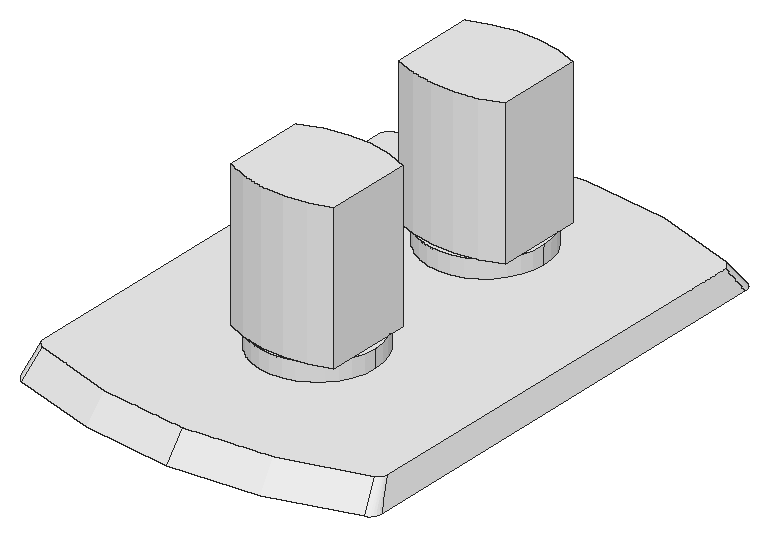
Revit family "Mixing-Valve-Trim_Thermostatic_Contemporary_Soiree_Dual-Volume_TS960D_TOTO", category Plumbing Fixtures, host Face, Revit 2013
Parameters (values of type "TS960D")
  ecoScorecard_data = "http://toto.ecoscorecard.com/product/TS960D"
  ecoScorecard Product Page = "http://toto.ecoscorecard.com/product/TS960D"
  Width = 0' - 6 11/16"  # constant formula
  Warranty URL = "http://www.totousa.com/warranty-registration"
  Warranty = "Limited Lifetime (Residential); One Year (Commercial)"  # constant formula
  URL = "http://www.totousa.com"
  Toto BIM Number = "BM-00071"  # constant formula
  Subcategory = "Mixing Valve"  # constant formula
  Style = "Contemporary"  # constant formula
  Spec Sheet URL = "http://assets.totousa.com/product-files/SS-00001_TS960D.pdf"
  Shipping Weight = 5.50 lbf
  Series = "Soiree"  # constant formula
  Product Page URL = " "
  Parts Manual URL = " "
  Owners Manual URL = "  "
  Model = "TS960D"  # constant formula
  Material = "Brass"  # constant formula
  Manufacturer Phone - Toll Free = "1-888-295-8134"  # constant formula
  Manufacturer Phone = "(770) 282-8686 "  # constant formula
  Manufacturer Fax = "(770) 282-0002"  # constant formula
  Manufacturer Email = "mailto:custservice@totousa.com "
  Manufacturer Address = "1155 Southern Road, Morrow, Georgia 30260"  # constant formula
  Manufacturer = "TOTO USA, Inc."  # constant formula
  Keynote = ""
  Installation URL = " "
  Industry Standards = "Meets and exceeds ASME A112.19.2/CSA B45.1"  # constant formula
  Height = 0' - 10 1/4"  # constant formula
  Finish = Metal - TOTO - Chrome - Polished
  Description = "SoirÃ©eÂ® Thermostatic Mixing Valve Trim with Dual Volume Control"  # constant formula
  Depth = 0' - 3 1/2"  # constant formula
  Default Elevation = 3' - 6"
  Cost Info = "mailto:custservice@totousa.com "
  Color Availability = "#CP Polished Chrome, #BN Brushed Nickel, #PN Polished Nickel"  # constant formula
  Code Compliance = "UPC, IPC, NSPC, NPC Canada, and others"  # constant formula
  Certifications = "IAPMO(cUPC), State of Massachusetts, City of Los Angeles"  # constant formula
  CAD Drawing URL = "http://assets.totousa.com/product-files/AD-00075_TS960D.dxf"
  Assembly Code = "D2010900"
  ADA Compliant = no
  95 CSI = "15410"  # constant formula
  04 CSI = "22 42 13"  # constant formula
Reference planes (in)
  plane 1 "Center": y = 0
  plane 2: z = 0
  plane 3 "Center (Left/Right)": x = 0
  plane 4: x = -3.34375
  plane 5: x = 3.34375
  plane 6: y = 5.12875
  plane 7: y = -5.12125
  plane 8: z = 3.5
  plane 9: y = 2.37101
  plane 10: y = -1.56649
Forms (in)
  SweptBlend 1, solid, material "Metal - TOTO - Chrome - Polished" <- "Finish"
    path origin (0, 0, 0) x (0, 1, 0) y (0, 0, 1)
      loop
        line (0, 0.47) -> (0, 0)
    profile origin (0, 0, 0.47) x (1, 0, 0) y (0, 1, 0)
      loop
        arc (0, 4.71089) -> (-1.57989, 4.55767) -> (-3.10089, 4.1037) r 8.22135
        arc (-3.10089, 4.1037) -> (-3.18431, 4.04238) -> (-3.22442, 3.94693) r 0.19436
        line (-3.22442, 3.94693) -> (-3.22442, -3.93912)
        arc (-3.22442, -3.93912) -> (-3.18431, -4.03457) -> (-3.10089, -4.09588) r 0.19436
        arc (-3.10089, -4.09588) -> (-1.57994, -4.55028) -> (0, -4.70366) r 8.21411
        arc (0, -4.70366) -> (1.57994, -4.55028) -> (3.10089, -4.09588) r 8.21411
        arc (3.10089, -4.09588) -> (3.18431, -4.03457) -> (3.22442, -3.93912) r 0.19436
        line (3.22442, -3.93912) -> (3.22442, 3.94693)
        arc (3.22442, 3.94693) -> (3.18431, 4.04238) -> (3.10089, 4.1037) r 0.19436
        arc (3.10089, 4.1037) -> (1.57989, 4.55767) -> (0, 4.71089) r 8.22135
    end profile origin (0, 0, 0) x (1, 0, 0) y (0, 1, 0)
      loop
        arc (0.00049, 5.08609) -> (-1.63005, 4.92983) -> (-3.20124, 4.46676) r 8.58572
        arc (-3.20124, 4.46676) -> (-3.30657, 4.37869) -> (-3.34375, 4.24652) r 0.23225
        line (-3.34375, 4.24652) -> (-3.34375, -4.23871)
        arc (-3.34375, -4.23871) -> (-3.30657, -4.37088) -> (-3.20124, -4.45895) r 0.23225
        arc (-3.20124, -4.45895) -> (-1.62987, -4.92206) -> (0.00087, -5.07827) r 8.58572
        arc (0.00087, -5.07827) -> (1.63177, -4.92196) -> (3.20328, -4.45869) r 8.58591
        arc (3.20328, -4.45869) -> (3.30863, -4.37068) -> (3.34616, -4.23863) r 0.23303
        line (3.34616, -4.23863) -> (3.34616, 4.24644)
        arc (3.34616, 4.24644) -> (3.30863, 4.37849) -> (3.20328, 4.4665) r 0.23303
        arc (3.20328, 4.4665) -> (1.63158, 4.9298) -> (0.00049, 5.08609) r 8.58591
  Extrusion 2, solid, material "Metal - TOTO - Chrome - Polished" <- "Finish"
    sketch origin (0, 0, 0) x (1, 0, 0) y (0, 1, 0)
      loop
        line (-1, 3.14414) -> (-1, 1.60161)
        arc (-1, 1.60161) -> (-0.0018, 1.369) -> (1, 1.58563) r 2.3384
        line (1, 1.58563) -> (1, 3.1529)
        arc (1, 3.1529) -> (-0.00098, 3.37314) -> (-1, 3.14414) r 2.33827
    from 0.80176 to 3.5
  Extrusion 3, solid, material "Metal - TOTO - Chrome - Polished" <- "Finish"
    sketch origin (0, 0, 0) x (1, 0, 0) y (0, 1, 0)
      loop
        line (-1, -0.81222) -> (-1, -2.34205)
        arc (-1, -2.34205) -> (-0.00847, -2.60452) -> (1, -2.41738) r 2.33827
        line (1, -2.41738) -> (1, -0.80373)
        arc (1, -0.80373) -> (-0.00095, -0.58335) -> (-1, -0.81222) r 2.33827
    from 0.80176 to 3.5
  Extrusion 4, solid, material "Metal - TOTO - Chrome - Polished" <- "Finish"
    sketch origin (0, 0, 0) x (1, 0, 0) y (0, 1, 0)
      loop
        circle (0, 2.37101) r 1.09464
    from 0.47 to 0.80176
  Extrusion 5, solid, material "Metal - TOTO - Chrome - Polished" <- "Finish"
    sketch origin (0, 0, 0) x (1, 0, 0) y (0, 1, 0)
      loop
        circle (0, -1.56649) r 1.09501
    from 0.47 to 0.80176
Lines and regions (in)
  Masking region 1
    outline origin (0, 0, 0) x (1, 0, 0) y (0, 0, 1)
      loop
        line (-3.22442, 0.47) -> (-3.34375, 0) -> (3.34616, 0) -> (3.22442, 0.47) -> (1.09501, 0.47) -> (1.09501, 1.58301) -> (1, 1.58301) -> (1, 3.5) -> (-1, 3.5) -> (-1, 1.58301) -> (-1.09501, 1.58301) -> (-1.09501, 0.47) -> (-3.22442, 0.47)
  symbolic lines
    curve 1: line (1.09501, 0, 0.80176) -> (-1.09501, 0, 0.80176)
    curve 2: line (3.22442, 0, 0.47) -> (-3.22442, 0, 0.47)
Dimensions and locks (in)
  "Width": plane 4 to plane 5
  "Height": plane 7 to plane 6
  equal spacing: plane 4, plane 3 "Center (Left/Right)", plane 5
  "Depth": plane 8 to plane 2
  locked: plane 9 to Extrusion 4 sketch curve at 0
  locked: plane 3 "Center (Left/Right)" to Extrusion 4 sketch curve at 0
  locked: plane 10 to Extrusion 5 sketch curve at 0
  locked: plane 3 "Center (Left/Right)" to Extrusion 5 sketch curve at 0
  locked: SweptBlend 1 sketch curve to plane 6 at 1.02506  (x2)
  locked: SweptBlend 1 sketch curve to plane 6 at 1.18182  (x2)
  locked: SweptBlend 1 sketch curve to plane 6 at 0.41786
  locked: plane 4 to SweptBlend 1 sketch curve at 0.11933
  locked: SweptBlend 1 sketch curve to plane 5 at 0.11933
  locked: plane 7 to SweptBlend 1 sketch curve at 1.18213  (x2)
  locked: plane 7 to SweptBlend 1 sketch curve at 1.02536  (x2)
  locked: SweptBlend 1 sketch curve to plane 6 at 0.88223
  locked: SweptBlend 1 sketch curve to plane 6 at 0.66199
  locked: SweptBlend 1 sketch curve to plane 6 at 0.66225
  locked: SweptBlend 1 sketch curve to plane 6 at 0.88231
  locked: plane 7 to SweptBlend 1 sketch curve at 0.88254
  locked: plane 7 to SweptBlend 1 sketch curve at 0.88262
  locked: SweptBlend 1 sketch curve to plane 6 at 0.04267
  locked: plane 7 to SweptBlend 1 sketch curve at 0.04297
  locked: plane 1 "Center" to plane 6 at 5.12875
  locked: plane 1 "Center" to plane 10 at 1.56649
  locked: Extrusion 2 sketch curve to plane 9 at 0.77314
  locked: Extrusion 2 sketch curve to plane 9 at 0.78189
  locked: plane 1 "Center" to Extrusion 2 sketch curve at 1.60161
  locked: plane 1 "Center" to Extrusion 2 sketch curve at 1.58563
  locked: Extrusion 3 sketch curve to plane 1 "Center" at 0.81222
  locked: Extrusion 3 sketch curve to plane 1 "Center" at 0.80373
  locked: plane 7 to Extrusion 3 sketch curve at 2.77919
  locked: plane 7 to Extrusion 3 sketch curve at 2.70386
  locked: plane 4 to Extrusion 2 sketch curve at 2.34375
  locked: Extrusion 2 sketch curve to plane 5 at 2.34375
  locked: plane 4 to Extrusion 3 sketch curve at 2.34375
  locked: Extrusion 3 sketch curve to plane 5 at 2.34375
  locked: Extrusion 5 to plane 2 at 0.47
  locked: SweptBlend 1 to plane 2 at 0
  locked: SweptBlend 1 to plane 2 at 0.47
  locked: Extrusion 5 to plane 2 at 0.80176
  locked: plane 1 "Center" to plane 9 at 2.37101
  locked: Masking region 1 sketch curve to plane 2 at 0.47  (x2)
  locked: plane 8 to Masking region 1 sketch curve at 1.91699  (x2)
  aligned and locked: plane 2 to host face
  aligned and locked: level to host face
  aligned and locked: Extrusion 3 to plane 8
  aligned and locked: Extrusion 2 to Extrusion 3
  aligned and locked: Extrusion 2 to Extrusion 4
  aligned and locked: Extrusion 3 to Extrusion 2
  aligned and locked: Extrusion 2 to Extrusion 5
  aligned and locked: SweptBlend 1 sketch curve to plane 4
  aligned and locked: Extrusion 4 to SweptBlend 1
  aligned and locked: Extrusion 5 to SweptBlend 1
  aligned and locked: Masking region 1 sketch curve to SweptBlend 1  (x2)
  aligned and locked: Masking region 1 sketch curve to Extrusion 3  (x2)
  aligned and locked: Extrusion 3 to Masking region 1 sketch curve
  aligned and locked: SweptBlend 1 to Masking region 1 sketch curve
  aligned and locked: curve 1 to Extrusion 5
  aligned and locked: curve 2 to SweptBlend 1
Automatic sketch dimensions
  host sketch curve to host sketch curve = 8' - 0"  (x2)
  SweptBlend 1 sketch curve to level = 0' - 0"
  SweptBlend 1 sketch curve to plane 1 "Center" = 0' - 0"
  SweptBlend 1 sketch curve to plane 3 "Center (Left/Right)" = 0' - 0"  (x2)
  SweptBlend 1 sketch curve to plane 3 "Center (Left/Right)" = 0' - 0.00004"  (x2)
  SweptBlend 1 sketch curve to SweptBlend 1 sketch curve = 0' - 0.06923"  (x4)
  plane 3 "Center (Left/Right)" to SweptBlend 1 sketch curve = 0' - 0.00004"  (x2)
  SweptBlend 1 sketch curve to SweptBlend 1 sketch curve = 0' - 0.19276"
  SweptBlend 1 sketch curve to SweptBlend 1 sketch curve = 0' - 0"
  SweptBlend 1 sketch curve to SweptBlend 1 sketch curve = 0' - 0.41163"  (x2)
  SweptBlend 1 sketch curve to SweptBlend 1 sketch curve = 0' - 0.02485"
  plane 3 "Center (Left/Right)" to SweptBlend 1 sketch curve = 0' - 0.00049"
  plane 3 "Center (Left/Right)" to SweptBlend 1 sketch curve = 0' - 0.00087"
  SweptBlend 1 sketch curve to SweptBlend 1 sketch curve = 0' - 0.08967"  (x2)
  SweptBlend 1 sketch curve to SweptBlend 1 sketch curve = 0' - 0.0901"  (x2)
  SweptBlend 1 sketch curve to SweptBlend 1 sketch curve = 0' - 0.61958"
  SweptBlend 1 sketch curve to SweptBlend 1 sketch curve = 0' - 0.61932"
  SweptBlend 1 sketch curve to SweptBlend 1 sketch curve = 0' - 0.21424"
  SweptBlend 1 sketch curve to SweptBlend 1 sketch curve = 0' - 0.21491"
  SweptBlend 1 sketch curve to SweptBlend 1 sketch curve = 0' - 0.00019"
  SweptBlend 1 sketch curve to SweptBlend 1 sketch curve = 0' - 0.00515"
  plane 3 "Center (Left/Right)" to Extrusion 2 sketch curve = 0' - 0.00925"
  plane 3 "Center (Left/Right)" to Extrusion 2 sketch curve = 0' - 0.0169"
  plane 3 "Center (Left/Right)" to Extrusion 3 sketch curve = 0' - 0.00898"
  plane 3 "Center (Left/Right)" to Extrusion 3 sketch curve = 0' - 0.07954"
  SweptBlend 1 sketch curve to SweptBlend 1 sketch curve = 0' - 0.006"
  SweptBlend 1 sketch curve to SweptBlend 1 sketch curve = 0' - 0.00038"  (x2)
  SweptBlend 1 sketch curve to SweptBlend 1 sketch curve = 0' - 0.47"
  Masking region 1 sketch curve to Masking region 1 sketch curve = 0' - 0.09501"  (x2)
  curve 1 to plane 3 "Center (Left/Right)" = 0' - 1.09501"
  plane 3 "Center (Left/Right)" to curve 1 = 0' - 1.09501"
  curve 2 to plane 4 = 0' - 0.11933"
  plane 5 to curve 2 = 0' - 0.11933"
  radius of Extrusion 4 sketch curve = 0' - 1.09464"
  radius of Extrusion 5 sketch curve = 0' - 1.09501"
